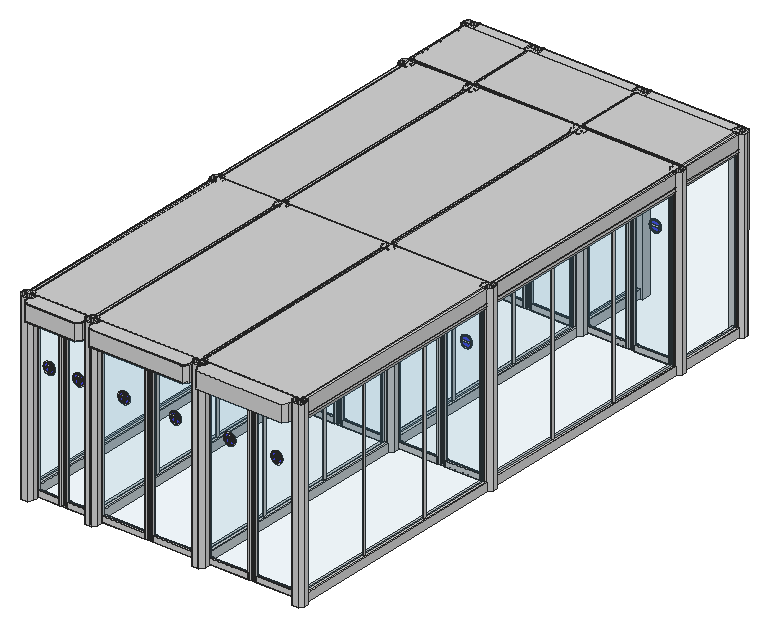
Revit family "ASSA_ABLOY_SecurityPortals_EL_Triple", category Doors, Revit 2020 (continued)
Definition of nested family "Advance"
  Automatic sketch dimensions
    Sweep 16 sketch curve to Sweep 16 sketch curve = 8.103 mm  (x2)
    Sweep 17 sketch curve to plane 4 "Top" = 0.00 mm
    plane 19 to Sweep 17 sketch curve = 0.00 mm
    Sweep 17 sketch curve to level = 0.00 mm
    Sweep 17 sketch curve to profile plane = 0.00 mm
    profile plane to Sweep 17 sketch curve = 2.50 mm
    profile plane to Sweep 17 sketch curve = 19.90 mm
    profile plane to Sweep 17 sketch curve = 34.242 mm
    Sweep 17 sketch curve to Sweep 17 sketch curve = 2.396 mm
    Sweep 17 sketch curve to Sweep 17 sketch curve = 22.75 mm
    Sweep 17 sketch curve to Sweep 17 sketch curve = 16.811 mm
    Sweep 17 sketch curve to Sweep 17 sketch curve = 10.70 mm  (x2)
    Sweep 17 sketch curve to Sweep 17 sketch curve = 26.90 mm
    Sweep 17 sketch curve to Sweep 17 sketch curve = 7.00 mm  (x2)
    Sweep 17 sketch curve to Sweep 17 sketch curve = 8.50 mm  (x2)
    Sweep 17 sketch curve to Sweep 17 sketch curve = 5.00 mm  (x2)
    Sweep 17 sketch curve to Sweep 17 sketch curve = 25.20 mm
    Sweep 17 sketch curve to Sweep 17 sketch curve = 17.95 mm
    Sweep 17 sketch curve to Sweep 17 sketch curve = 3.40 mm
    Sweep 17 sketch curve to Sweep 17 sketch curve = 19.05 mm
    Sweep 17 sketch curve to Sweep 17 sketch curve = 20.752 mm
    Sweep 17 sketch curve to Sweep 17 sketch curve = 17.211 mm
    Sweep 17 sketch curve to Sweep 17 sketch curve = 3.182 mm
    Sweep 17 sketch curve to Sweep 17 sketch curve = 2.196 mm
    Sweep 17 sketch curve to Sweep 17 sketch curve = 22.95 mm
    Sweep 17 sketch curve to Sweep 17 sketch curve = 17.40 mm
    Sweep 17 sketch curve to Sweep 17 sketch curve = 17.60 mm
    Sweep 17 sketch curve to Sweep 17 sketch curve = 2.30 mm
    Sweep 17 sketch curve to Sweep 17 sketch curve = 6.71 mm
    Sweep 17 sketch curve to Sweep 17 sketch curve = 2.79 mm
    Sweep 17 sketch curve to Sweep 17 sketch curve = 20.00 mm
    Sweep 17 sketch curve to Sweep 17 sketch curve = 31.038 mm
    Sweep 17 sketch curve to Sweep 17 sketch curve = 1.028 mm
    Sweep 17 sketch curve to Sweep 17 sketch curve = 36.45 mm
    Sweep 17 sketch curve to Sweep 17 sketch curve = 41.45 mm
    Sweep 17 sketch curve to Sweep 17 sketch curve = 9.50 mm
    Sweep 17 sketch curve to Sweep 17 sketch curve = 0.00 mm  (x2)
    Sweep 17 sketch curve to Sweep 17 sketch curve = 26.303 mm
    Sweep 17 sketch curve to Sweep 17 sketch curve = 21.303 mm
    Sweep 17 sketch curve to Sweep 17 sketch curve = 36.56 mm
    Sweep 17 sketch curve to Sweep 17 sketch curve = 31.765 mm
    Sweep 17 sketch curve to Sweep 17 sketch curve = 31.824 mm
    Sweep 17 sketch curve to Sweep 17 sketch curve = 13.70 mm  (x2)
    Sweep 17 sketch curve to Sweep 17 sketch curve = 6.822 mm  (x2)
    Sweep 17 sketch curve to Sweep 17 sketch curve = 10.00 mm  (x2)
    Sweep 17 sketch curve to Sweep 17 sketch curve = 8.103 mm  (x2)
    Sweep 17 sketch curve to Sweep 17 sketch curve = 6.897 mm
    plane 19 to Sweep 19 sketch curve = 0.10 mm
    Sweep 19 sketch curve to level = 0.00 mm
    profile plane to Sweep 19 sketch curve = 124.65 mm
    Sweep 19 sketch curve to Sweep 19 sketch curve = 5.00 mm  (x2)
    Sweep 19 sketch curve to Sweep 19 sketch curve = 28.00 mm  (x2)
    Sweep 19 sketch curve to Sweep 19 sketch curve = 19.00 mm
    level to Sweep 19 sketch curve = 70.00 mm
    Sweep 19 sketch curve to Sweep 19 sketch curve = 35.00 mm  (x2)
    plane 22 to Sweep 21 sketch curve = 0.10 mm
    Sweep 21 sketch curve to level = 0.00 mm
    profile plane to Sweep 21 sketch curve = 124.65 mm
    Sweep 21 sketch curve to Sweep 21 sketch curve = 5.00 mm  (x2)
    Sweep 21 sketch curve to Sweep 21 sketch curve = 28.00 mm  (x2)
    Sweep 21 sketch curve to Sweep 21 sketch curve = 19.00 mm
    level to Sweep 21 sketch curve = 70.00 mm
    Sweep 21 sketch curve to Sweep 21 sketch curve = 35.00 mm  (x2)
    Extrusion 22 sketch curve to plane 41 = 2.53 mm
    Extrusion 22 sketch curve to plane 31 = 7.431 mm
    plane 41 to Extrusion 22 sketch curve = 1.338 mm
    plane 30 to Extrusion 22 sketch curve = 7.431 mm
    Extrusion 22 sketch curve to plane 41 = 59.692 mm
    Extrusion 22 sketch curve to plane 41 = 24.543 mm
    Extrusion 23 sketch curve to plane 17 = 0.00 mm
    Extrusion 23 sketch curve to plane 19 = 0.00 mm
    Extrusion 23 sketch curve to plane 37 = 2.031 mm
    plane 38 to Extrusion 23 sketch curve = 2.031 mm
    plane 41 to Extrusion 23 sketch curve = 1.341 mm
    plane 41 to Extrusion 23 sketch curve = 1.338 mm
    Extrusion 23 sketch curve to plane 41 = 24.543 mm
    Extrusion 23 sketch curve to plane 41 = 24.602 mm
    Extrusion 23 sketch curve to plane 36 = 15.268 mm
    Extrusion 24 sketch curve to plane 39 = 2.031 mm
    plane 40 to Extrusion 24 sketch curve = 2.031 mm
    Extrusion 24 sketch curve to plane 41 = 24.914 mm
    Extrusion 24 sketch curve to plane 41 = 24.855 mm
    Extrusion 24 sketch curve to plane 41 = 1.201 mm
    plane 41 to Extrusion 24 sketch curve = 1.028 mm
    Extrusion 25 sketch curve to plane 37 = 0.00 mm
    Extrusion 25 sketch curve to plane 38 = 0.00 mm
    Extrusion 25 sketch curve to Extrusion 25 sketch curve = 2.00 mm
    plane 38 to Extrusion 25 sketch curve = 2.00 mm
    Extrusion 26 sketch curve to plane 39 = 0.00 mm
    Extrusion 26 sketch curve to plane 40 = 0.00 mm
    Extrusion 26 sketch curve to plane 39 = 2.00 mm
    Extrusion 26 sketch curve to plane 43 = 0.001 mm
    plane 40 to Extrusion 26 sketch curve = 2.00 mm
    Extrusion 27 sketch curve to plane 1 "Entry" = 4.00 mm
    Extrusion 27 sketch curve to plane 36 = 4.00 mm
    plane 4 "Top" to Extrusion 27 sketch curve = 11.563 mm
    Extrusion 28 sketch curve to plane 4 "Top" = 0.00 mm
    Extrusion 28 sketch curve to plane 1 "Entry" = 4.00 mm
    Extrusion 28 sketch curve to plane 36 = 4.00 mm
    plane 4 "Top" to Extrusion 28 sketch curve = 11.563 mm
    Extrusion 29 sketch curve to plane 1 "Entry" = 0.00 mm
    Extrusion 29 sketch curve to plane 36 = 0.00 mm
    Extrusion 29 sketch curve to plane 4 "Top" = 0.00 mm
    Extrusion 29 sketch curve to plane 1 "Entry" = 4.00 mm
    Extrusion 29 sketch curve to plane 36 = 4.00 mm
    plane 4 "Top" to Extrusion 29 sketch curve = 11.563 mm
    plane 41 to Extrusion 30 sketch curve = 0.00 mm  (x2)
    Extrusion 30 sketch curve to plane 31 = 5.685 mm
    Extrusion 30 sketch curve to Extrusion 30 sketch curve = 2.00 mm  (x2)
    plane 30 to Extrusion 30 sketch curve = 7.115 mm
    plane 39 to Extrusion 5 sketch curve = 3.508 mm
    Extrusion 5 sketch curve to plane 40 = 0.285 mm
    plane 41 to Extrusion 5 sketch curve = 24.811 mm
    plane 41 to Extrusion 5 sketch curve = 24.87 mm
    plane 43 to Extrusion 4 sketch curve = 0.00 mm
    Extrusion 4 sketch curve to plane 17 = 0.00 mm
    Extrusion 4 sketch curve to plane 19 = 0.00 mm
    Extrusion 4 sketch curve to plane 36 = 0.00 mm  (x2)
    plane 37 to Extrusion 4 sketch curve = 2.00 mm
    Extrusion 4 sketch curve to plane 38 = 2.031 mm
    Extrusion 4 sketch curve to plane 41 = 1.363 mm
    Extrusion 4 sketch curve to plane 41 = 1.338 mm
    plane 41 to Extrusion 4 sketch curve = 24.543 mm
    plane 41 to Extrusion 4 sketch curve = 24.602 mm
    plane 41 to Extrusion 3 sketch curve = 0.00 mm
    Extrusion 3 sketch curve to plane 7 = 0.00 mm
    Extrusion 3 sketch curve to plane 6 = 0.00 mm
    Extrusion 3 sketch curve to plane 36 = 0.00 mm  (x2)
    plane 31 to Extrusion 3 sketch curve = 5.685 mm
    Extrusion 3 sketch curve to plane 41 = 1.202 mm
    Extrusion 3 sketch curve to plane 30 = 7.356 mm
    plane 41 to Extrusion 3 sketch curve = 24.734 mm
    plane 41 to Extrusion 3 sketch curve = 59.957 mm
Definition of nested family "PartTriple"
  Parameters (values of type "Schipol configuration")
    Width = 979.00 mm
    URL = ""
    Type Comments = ""
    ThirdPassageWidth = if(Third Passage Width Input = 1, 650.00 mm, if(Third Passage Width Input = 2, 900.00 mm, if(Third Passage Width Input = 3, 1100.00 mm, if(Third Passage Width Input = 4, 1200.00 mm, 1400.00 mm))))  # 650.00 mm
    ThirdPassage = yes
    Third Passage Width Input = 1
    Thickness = 0.00 mm
    Sensor = none
    SecondPassageWidth = if(Second Passage Width Input = 1, 650.00 mm, if(Second Passage Width Input = 2, 900.00 mm, if(Second Passage Width Input = 3, 1100.00 mm, if(Second Passage Width Input = 4, 1200.00 mm, 1400.00 mm))))  # 650.00 mm
    SecondPassage = yes
    Second Passage Width Input = 1
    Rubber = none
    Row3 = ThirdPassage  # yes
    Row2 = SecondPassage  # yes
    Row1 = no
    Rough Width = 979.00 mm
    Rough Height = 500.00 mm
    PassageWidth = if(Passage Width Input = 1, 650.00 mm, if(Passage Width Input = 2, 900.00 mm, if(Passage Width Input = 3, 1100.00 mm, if(Passage Width Input = 4, 1200.00 mm, 1400.00 mm))))  # 650.00 mm
    PassageHeight = 2100.00 mm
    Passage Width Input = 1
    PanelWidth3 = (ThirdPassageWidth / 2) + 23.10 mm  # 348.10 mm
    PanelWidth2 = (SecondPassageWidth / 2) + 23.10 mm  # 348.10 mm
    PanelWidth = (PassageWidth / 2) + 23.10 mm  # 348.10 mm
    PanelGlass = none
    Operation = "Automatic"
    OpeningRotationAngle = if(OpenDoor, 90.00°, 0.00°)  # 0.00°
    OpenDoor = no
    Model = ""
    Manufacturer = "info@blasi.info"
    Length = 5999.839 mm
    Keynote = ""
    Heightmin = 2150.00 mm  # constant formula
    Heightmax = 2300.00 mm  # constant formula
    HeightLimit = if(PassageHeight > Heightmin, if(PassageHeight < Heightmax, PassageHeight, Heightmax), Heightmin)  # 2150.00 mm
    Height = 500.00 mm
    Function = 1
    Frames = none
    FrameMaterial = none
    Fire Rating = ""
    Description = ""
    Cost = 0
    Construction Type = "Automatic Sliding Door"
    CanopyHeight = 211.00 mm  # constant formula
    Assembly Code = ""
    Analytic Construction = "<None>"
    Alarm = none
  Reference planes
    plane 1 "Entry": y = 0
    plane 2: z = 0
    plane 3 "Center (Left/Right)": x = 0
    plane 4 "Top": z = 2311
    plane 5 "PH": z = 2100
    plane 6: x = -325
    plane 7: x = 325
    plane 8 "Center": y = 2999.92
    plane 9: x = 348.1
    plane 10: x = -348.1
    plane 11: x = 403.05
    plane 12: x = 411.25
    plane 13: x = -403.05
    plane 14: x = -411.25
    plane 15: y = 3009.27
    plane 16: y = 2879.26
    plane 17: y = 9.35
    plane 18: y = 1922.623
    plane 19: y = 965.987
    plane 20: y = 1926.623
    plane 21: y = 1918.623
    plane 22: y = 969.987
    plane 23: y = 961.987
    plane 24: y = 17.45
    plane 25: y = 2871.16
    plane 26: y = 3017.37
    plane 27: z = 70.9
    plane 28: z = 2080.9
    plane 29: y = 3298.08
    plane 30: x = -323.75
    plane 31: y = 3203.96
    plane 32: x = -489.5
    plane 33: x = -1139.5
    plane 34: x = -814.5
    plane 35: x = -1079
    plane 36: x = -1629
    plane 37: x = -1304
    plane 38: x = -1954
    plane 39: x = -1225.85
    plane 40: x = -1217.65
    plane 41: x = -2118.5
    plane 42: x = -2040.35
    plane 43: x = -2032.15
    plane 44: y = -20.298
    plane 45: x = -466.2
    plane 46: x = -1162.7
    plane 47: x = -1177.25
    plane 48: x = -451.75
    plane 49: x = -1221.75
    plane 50: x = -1280.8
    plane 51: x = -1977.2
    plane 52: x = -364.65
    plane 53: x = -1991.465
    plane 54: x = -1266.535
    plane 55: x = -1260.65
    plane 56: x = -1227.981
    plane 57: x = -1268.25
    plane 58: x = -1989.75
    plane 59: z = 2110
    plane 60: z = 2300.414
  Forms (mm)
    Sweep 1, solid, material <- "Frames"
      path origin (0, 0, 0) x (1, 0, 0) y (0, 0, 1)
        loop
          line (325, 0) -> (325, 2311)
      profile origin (325, 0, 1155.5) x (-1, 0, 0) y (0, -1, 0)
        loop
          line (-37.465, 128.76) -> (-127.035, 128.76) -> (-164.5, 68.803) -> (-164.5, 20.298) -> (-126.752, -17.45) -> (-94.75, -17.45) -> (-94.75, 2.55) -> (-69.55, 2.55) -> (-69.55, -17.45) -> (-43.296, -17.45) -> (-43.296, 20.296) -> (0, 20.296) -> (0, 68.803) -> (-37.465, 128.76)
        loop
          line (-93.15, 103.76) -> (-100.15, 103.76) -> (-100.15, 113.76) -> (-110.85, 113.76) -> (-110.85, 121.863) -> (-127.78, 121.863) -> (-162, 67.057) -> (-162, 65.303) -> (-144.6, 65.303) -> (-144.6, 44) -> (-121.65, 44) -> (-121.65, 53.5) -> (-84.65, 53.5) -> (-84.65, 90.06) -> (-93.15, 90.06) -> (-93.15, 103.76)
        loop
          line (-71.15, 103.76) -> (-71.15, 90.06) -> (-79.65, 90.06) -> (-79.65, 53.5) -> (-42.65, 53.5) -> (-42.65, 44) -> (-19.9, 44) -> (-19.9, 65.303) -> (-2.3, 65.303) -> (-2.3, 67.057) -> (-36.52, 121.863) -> (-53.45, 121.863) -> (-53.45, 113.76) -> (-64.15, 113.76) -> (-64.15, 103.76) -> (-71.15, 103.76)
        loop
          line (-102.6, 39) -> (-162, 39) -> (-162, 21.326) -> (-129.934, -10.74) -> (-106, -10.74) -> (-106, -7.95) -> (-102.6, -7.95) -> (-102.6, 39)
    Sweep 2, solid, material <- "Frames"
      path origin (0, 2999.92, 0) x (1, 0, 0) y (0, 0, 1)
        loop
          line (325, 0) -> (325, 2311)
      profile origin (325, 2999.92, 1155.5) x (-1, 0, 0) y (0, -1, 0)
        loop
          line (-37.465, 128.76) -> (-69.55, 128.76) -> (-69.55, 108.76) -> (-94.75, 108.76) -> (-94.75, 128.76) -> (-127.035, 128.76) -> (-164.5, 68.803) -> (-164.5, 20.298) -> (-126.752, -17.45) -> (-43.296, -17.45) -> (-43.296, 20.296) -> (0, 20.296) -> (0, 68.803) -> (-37.465, 128.76)
        loop
          line (-93.15, 103.76) -> (-100.15, 103.76) -> (-100.15, 113.76) -> (-110.85, 113.76) -> (-110.85, 121.863) -> (-127.78, 121.863) -> (-162, 67.057) -> (-162, 65.303) -> (-144.6, 65.303) -> (-144.6, 44) -> (-121.65, 44) -> (-121.65, 53.5) -> (-84.65, 53.5) -> (-84.65, 90.06) -> (-93.15, 90.06) -> (-93.15, 103.76)
        loop
          line (-71.15, 103.76) -> (-71.15, 90.06) -> (-79.65, 90.06) -> (-79.65, 53.5) -> (-42.65, 53.5) -> (-42.65, 44) -> (-19.9, 44) -> (-19.9, 65.303) -> (-2.3, 65.303) -> (-2.3, 67.057) -> (-36.52, 121.863) -> (-53.45, 121.863) -> (-53.45, 113.76) -> (-64.15, 113.76) -> (-64.15, 103.76) -> (-71.15, 103.76)
        loop
          line (-102.6, 39) -> (-162, 39) -> (-162, 21.326) -> (-129.934, -10.74) -> (-106, -10.74) -> (-106, -7.95) -> (-102.6, -7.95) -> (-102.6, 39)
    Sweep 3, solid, material <- "Frames"
      path origin (0, -0.001, 0) x (-1, 0, 0) y (0, 0, 1)
        loop
          line (325, 0) -> (325, 2311)
      profile origin (-325, -0.001, 1155.5) x (-1, 0, 0) y (0, -1, 0)
        loop
          line (37.465, 128.761) -> (0, 68.804) -> (0, 20.298) -> (43.296, 20.298) -> (43.296, -17.45) -> (69.55, -17.45) -> (69.55, 2.55) -> (94.75, 2.55) -> (94.75, -17.45) -> (121.004, -17.45) -> (121.004, 20.298) -> (164.5, 20.298) -> (164.5, 68.804) -> (127.035, 128.761) -> (37.465, 128.761)
        loop
          line (93.15, 103.761) -> (93.15, 90.061) -> (84.65, 90.061) -> (84.65, 53.501) -> (121.65, 53.501) -> (121.65, 44.001) -> (144.6, 44.001) -> (144.6, 65.304) -> (162, 65.304) -> (162, 67.059) -> (127.78, 121.864) -> (110.85, 121.864) -> (110.85, 113.761) -> (100.15, 113.761) -> (100.15, 103.761) -> (93.15, 103.761)
        loop
          line (71.15, 103.761) -> (64.15, 103.761) -> (64.15, 113.761) -> (53.45, 113.761) -> (53.45, 121.864) -> (36.52, 121.864) -> (2.3, 67.059) -> (2.3, 65.304) -> (19.9, 65.304) -> (19.9, 44.001) -> (42.65, 44.001) -> (42.65, 53.501) -> (79.65, 53.501) -> (79.65, 90.061) -> (71.15, 90.061) -> (71.15, 103.761)
    Sweep 4, solid, material <- "Frames"
      path origin (0, 2999.92, 0) x (-1, 0, 0) y (0, 0, 1)
        loop
          line (325, 0) -> (325, 2311)
      profile origin (-325, 2999.92, 1155.5) x (-1, 0, 0) y (0, -1, 0)
        loop
          line (37.465, 128.76) -> (0, 68.803) -> (0, 20.296) -> (43.296, 20.296) -> (43.296, -17.45) -> (121.004, -17.45) -> (121.004, 20.296) -> (164.5, 20.296) -> (164.5, 68.803) -> (127.035, 128.76) -> (94.75, 128.76) -> (94.75, 108.76) -> (69.55, 108.76) -> (69.55, 128.76) -> (37.465, 128.76)
        loop
          line (93.15, 103.76) -> (93.15, 90.06) -> (84.65, 90.06) -> (84.65, 53.5) -> (121.65, 53.5) -> (121.65, 44) -> (144.6, 44) -> (144.6, 65.303) -> (162, 65.303) -> (162, 67.057) -> (127.78, 121.863) -> (110.85, 121.863) -> (110.85, 113.76) -> (100.15, 113.76) -> (100.15, 103.76) -> (93.15, 103.76)
        loop
          line (71.15, 103.76) -> (64.15, 103.76) -> (64.15, 113.76) -> (53.45, 113.76) -> (53.45, 121.863) -> (36.52, 121.863) -> (2.3, 67.057) -> (2.3, 65.303) -> (19.9, 65.303) -> (19.9, 44) -> (42.65, 44) -> (42.65, 53.5) -> (79.65, 53.5) -> (79.65, 90.06) -> (71.15, 90.06) -> (71.15, 103.76)
    Extrusion 5, solid, material <- "PanelGlass"
      sketch origin (0, 0, 0) x (1, 0, 0) y (0, 1, 0)
        loop
          line (411.25, 9.35) -> (411.25, 961.987) -> (403.05, 961.987) -> (403.05, 9.35) -> (411.25, 9.35)
        loop
          line (411.25, 2879.26) -> (403.05, 2879.26) -> (403.05, 1926.623) -> (411.25, 1926.623) -> (411.25, 2879.26)
        loop
          line (411.25, 969.987) -> (411.25, 1918.623) -> (403.05, 1918.623) -> (403.05, 969.987) -> (411.25, 969.987)
      from 70.9 to 2080.9
    Extrusion 6, solid, material <- "PanelGlass"
      sketch origin (0, 0, 0) x (-1, 0, 0) y (0, -1, 0)
        loop
          line (411.25, -9.35) -> (403.05, -9.35) -> (403.05, -961.987) -> (411.25, -961.987) -> (411.25, -9.35)
        loop
          line (411.25, -2879.26) -> (411.25, -1926.623) -> (403.05, -1926.623) -> (403.05, -2879.26) -> (411.25, -2879.26)
        loop
          line (403.05, -969.987) -> (403.05, -1918.623) -> (411.25, -1918.623) -> (411.25, -969.987) -> (403.05, -969.987)
      from 0 to 2080.9
    Sweep 7, solid, material <- "Frames"
      path origin (-3291.85, 965.987, 1200) x (1, 0, 0) y (0, 0, 1)
        loop
          line (3616.85, -1129.1) -> (3616.85, 880.9)
      profile origin (325, 965.987, 1075.9) x (-1, 0, 0) y (0, -1, 0)
        loop
          line (-77.85, -1) -> (-77.85, -15) -> (-75.85, -15) -> (-75.85, 15) -> (-77.85, 15) -> (-77.85, 1) -> (-86.45, 1) -> (-86.45, 15) -> (-88.45, 15) -> (-88.45, -15) -> (-86.45, -15) -> (-86.45, -1) -> (-77.85, -1)
    Sweep 8, solid, material <- "Frames"
      path origin (-3291.85, 1922.623, 1200) x (1, 0, 0) y (0, 0, 1)
        loop
          line (3616.85, -1129.1) -> (3616.85, 880.9)
      profile origin (325, 1922.623, 1075.9) x (-1, 0, 0) y (0, -1, 0)
        loop
          line (-77.85, -1) -> (-77.85, -15) -> (-75.85, -15) -> (-75.85, 15) -> (-77.85, 15) -> (-77.85, 1) -> (-86.45, 1) -> (-86.45, 15) -> (-88.45, 15) -> (-88.45, -15) -> (-86.45, -15) -> (-86.45, -1) -> (-77.85, -1)
    Sweep 9, solid, material <- "Frames"
      path origin (3291.85, 965.987, 1200) x (-1, 0, 0) y (0, 0, -1)
        loop
          line (3616.85, 1129.1) -> (3616.85, -880.9)
      profile origin (-325, 965.987, 1075.9) x (-1, 0, 0) y (0, -1, 0)
        loop
          line (77.85, -1) -> (86.45, -1) -> (86.45, -15) -> (88.45, -15) -> (88.45, 15) -> (86.45, 15) -> (86.45, 1) -> (77.85, 1) -> (77.85, 15) -> (75.85, 15) -> (75.85, -15) -> (77.85, -15) -> (77.85, -1)
    Sweep 10, solid, material <- "Frames"
      path origin (3291.85, 1922.623, 1200) x (-1, 0, 0) y (0, 0, -1)
        loop
          line (3616.85, 1129.1) -> (3616.85, -880.9)
      profile origin (-325, 1922.623, 1075.9) x (-1, 0, 0) y (0, -1, 0)
        loop
          line (77.85, -1) -> (86.45, -1) -> (86.45, -15) -> (88.45, -15) -> (88.45, 15) -> (86.45, 15) -> (86.45, 1) -> (77.85, 1) -> (77.85, 15) -> (75.85, 15) -> (75.85, -15) -> (77.85, -15) -> (77.85, -1)
    Sweep 11, solid, material <- "Frames"
      path origin (0, 0, 0) x (1, 0, 0) y (0, 1, 0)
        loop
          line (325, 17.45) -> (325, 2871.16)
      profile origin (325, 1444.305, 0) x (-1, 0, 0) y (0, 0, 1)
        loop
          line (-39.65, 0.9) -> (-39.65, 105.9)
          arc (-39.65, 105.9) -> (-41.114, 109.436) -> (-44.65, 110.9) r 5
          line (-44.65, 110.9) -> (-72.65, 110.9) -> (-72.65, 70.9) -> (-91.65, 70.9) -> (-91.65, 110.9) -> (-119.65, 110.9)
          arc (-119.65, 110.9) -> (-123.186, 109.436) -> (-124.65, 105.9) r 5
          line (-124.65, 105.9) -> (-124.65, 0.9) -> (-39.65, 0.9)
    Sweep 12, solid, material <- "Frames"
      path origin (0, 0, 0) x (-1, 0, 0) y (0, 1, 0)
        loop
          line (325, 17.45) -> (325, 2871.16)
      profile origin (-325, 1444.305, 0) x (-1, 0, 0) y (0, 0, 1)
        loop
          line (39.65, 0.9) -> (124.65, 0.9) -> (124.65, 105.9)
          arc (124.65, 105.9) -> (123.186, 109.436) -> (119.65, 110.9) r 5
          line (119.65, 110.9) -> (91.65, 110.9) -> (91.65, 70.9) -> (72.65, 70.9) -> (72.65, 110.9) -> (44.65, 110.9)
          arc (44.65, 110.9) -> (41.114, 109.436) -> (39.65, 105.9) r 5
          line (39.65, 105.9) -> (39.65, 0.9)
    Sweep 13, solid, material <- "Frames"
      path origin (0, 0, 2100) x (-1, 0, 0) y (0, -1, 0)
        loop
          line (-325, -17.45) -> (-325, -2871.16)
      profile origin (325, 1444.305, 2100) x (-1, 0, 0) y (0, 0, 1)
        loop
          line (-60.47, -28.7) -> (-39.65, 1.3) -> (-39.65, 38.1) -> (-115.65, 38.1)
          arc (-115.65, 38.1) -> (-118.125, 39.125) -> (-119.15, 41.6) r 3.5
          line (-119.15, 41.6) -> (-119.15, 105.35) -> (-46.15, 105.35) -> (-46.15, 142.35) -> (-119.15, 142.35) -> (-119.15, 206.6)
          arc (-119.15, 206.6) -> (-118.271, 208.721) -> (-116.15, 209.6) r 3
          line (-116.15, 209.6) -> (-71.15, 209.6) -> (-71.15, 211.6) -> (-116.15, 211.6)
          arc (-116.15, 211.6) -> (-119.686, 210.136) -> (-121.15, 206.6) r 5
          line (-121.15, 206.6) -> (-121.15, 41.6)
          arc (-121.15, 41.6) -> (-119.539, 37.711) -> (-115.65, 36.1) r 5.5
          line (-115.65, 36.1) -> (-115.65, 35.1) -> (-121.15, 35.1) -> (-121.15, 1.3) -> (-103.83, -28.7) -> (-92.15, -28.7) -> (-92.15, -33.1) -> (-89.15, -33.1) -> (-89.15, -19.1) -> (-75.15, -19.1) -> (-75.15, -33.1) -> (-72.15, -33.1) -> (-72.15, -28.7) -> (-60.47, -28.7)
    Sweep 14, solid, material <- "Frames"
      path origin (0, 0, 2100) x (1, 0, 0) y (0, -1, 0)
        loop
          line (-325, -17.45) -> (-325, -2871.16)
      profile origin (-325, 1444.305, 2100) x (-1, 0, 0) y (0, 0, 1)
        loop
          line (60.47, -28.7) -> (72.15, -28.7) -> (72.15, -33.1) -> (75.15, -33.1) -> (75.15, -19.1) -> (89.15, -19.1) -> (89.15, -33.1) -> (92.15, -33.1) -> (92.15, -28.7) -> (103.83, -28.7) -> (121.15, 1.3) -> (121.15, 35.1) -> (115.65, 35.1) -> (115.65, 36.1)
          arc (115.65, 36.1) -> (119.539, 37.711) -> (121.15, 41.6) r 5.5
          line (121.15, 41.6) -> (121.15, 206.6)
          arc (121.15, 206.6) -> (119.686, 210.136) -> (116.15, 211.6) r 5
          line (116.15, 211.6) -> (71.15, 211.6) -> (71.15, 209.6) -> (116.15, 209.6)
          arc (116.15, 209.6) -> (118.271, 208.721) -> (119.15, 206.6) r 3
          line (119.15, 206.6) -> (119.15, 142.35) -> (46.15, 142.35) -> (46.15, 105.35) -> (119.15, 105.35) -> (119.15, 41.6)
          arc (119.15, 41.6) -> (118.125, 39.125) -> (115.65, 38.1) r 3.5
          line (115.65, 38.1) -> (43.15, 38.1) -> (43.15, 1.3) -> (60.47, -28.7)
    Extrusion 15, solid, material <- "Frames"
      sketch origin (0, 0, 4.531) x (0, 1, 0) y (0, 0, 1)
        loop
          line (2999.92, 2311) -> (-16.95, 2311) -> (-16.95, 2306.469) -> (2999.92, 2306.469) -> (2999.92, 2311)
      from -403.05 to 403.05
    Extrusion 16, solid, material <- "Frames"
      sketch origin (0, 0, 2100) x (-1, 0, 0) y (0, -1, 0)
        loop
          line (-364.65, 20.296) -> (-364.65, -2871.16) -> (-362.465, -2871.16) -> (-325, -2931.117) -> (-325, -2979.623) -> (325, -2979.623) -> (325, -2931.117) -> (362.465, -2871.16) -> (368.15, -2871.16) -> (368.15, 20.299) -> (325, 20.299) -> (325, 68.803) -> (362.75, 129.216) -> (362.75, 161.56) -> (323.108, 225) -> (-323.108, 225) -> (-362.75, 161.56) -> (-362.75, 129.216) -> (-325, 68.803) -> (-325, 20.296) -> (-364.65, 20.296)
      from 0 to 10
    Extrusion 17, solid, material <- "Frames"
      sketch origin (0, 0, 2100) x (-1, 0, 0) y (0, -1, 0)
        loop
          line (362.75, 128.76) -> (362.75, 161.56) -> (323.108, 225) -> (-323.108, 225) -> (-362.75, 161.56) -> (-362.75, 128.76) -> (-360.75, 128.76) -> (-360.75, 160.986) -> (-322, 223) -> (322, 223) -> (360.75, 160.987) -> (360.75, 128.76) -> (362.75, 128.76)
      from 0 to 211
    Extrusion 18, solid, material <- "Frames"
      sketch origin (0, 0, 2311) x (-1, 0, 0) y (0, -1, 0)
        loop
          line (362.75, 129.216) -> (362.75, 161.56) -> (323.108, 225) -> (-323.108, 225) -> (-362.75, 161.56) -> (-362.75, 129.216) -> (-325, 68.803) -> (-325, 20.296) -> (325, 20.296) -> (325, 68.803) -> (362.75, 129.216)
      from 0 to -10
    Extrusion 19, solid, material <- "Frames", visible <- "Row1"
      sketch origin (-1360, -1354.92, 2311) x (-1, 0, 0) y (0, -1, 0)
        loop
          line (-1051.671, -4651.125) -> (-959.45, -4558.904) -> (-959.45, -4372.289) -> (-991.9, -4372.289) -> (-991.9, -4354.839) -> (-1728.296, -4354.839) -> (-1728.296, -4372.289) -> (-1761.175, -4372.289) -> (-1761.175, -4553.279) -> (-1663.329, -4651.125) -> (-1051.671, -4651.125)
      from 0 to -10.586
    Extrusion 20, solid, material <- "Frames", visible <- "Row1"
      sketch origin (-1300, -2999.92, 2100) x (-1, 0, 0) y (0, -1, 0)
        loop
          line (-1703.05, -6199.579) -> (-1604.629, -6298) -> (-990.471, -6298) -> (-896.95, -6204.479) -> (-896.95, -6017.289) -> (-898.925, -6017.289) -> (-898.925, -6203.625) -> (-991.3, -6296) -> (-1603.8, -6296) -> (-1701.019, -6198.781) -> (-1701.019, -6017.289) -> (-1703.05, -6017.289) -> (-1703.05, -6199.579)
      from 0 to 211
    Extrusion 21, solid, material <- "Frames", visible <- "Row1"
      sketch origin (7.603, -26.037, 2100) x (-1, 0, 0) y (0, -1, 0)
        loop
          line (331.353, -2959.202) -> (370.099, -2897.196) -> (-355.099, -2897.196) -> (-317.397, -2957.532) -> (-317.397, -3005.873) -> (-360.796, -3005.873) -> (-360.796, -3043.406) -> (-385.447, -3043.406) -> (-385.447, -3228.462) -> (-299.792, -3314.117) -> (314.792, -3314.117) -> (400.653, -3228.256) -> (400.653, -3043.406) -> (375.796, -3043.406) -> (375.796, -3005.873) -> (331.353, -3005.873) -> (331.353, -2959.202)
      from 0 to 10
    Sweep 22, solid, material <- "Frames", visible <- "Row2"
      path origin (-664.5, 0, 0) x (-1, 0, 0) y (0, 0, 1)
        loop
          line (475, 0) -> (475, 2311)
      profile origin (-1139.5, 0, 1155.5) x (-1, 0, 0) y (0, -1, 0)
        loop
          line (37.465, 128.76) -> (0, 68.803) -> (0, 20.296) -> (43.296, 20.296) -> (43.296, -17.45) -> (69.55, -17.45) -> (69.55, 2.55) -> (94.75, 2.55) -> (94.75, -17.45) -> (126.752, -17.45) -> (164.5, 20.298) -> (164.5, 68.803) -> (127.035, 128.76) -> (37.465, 128.76)
        loop
          line (93.15, 103.76) -> (93.15, 90.06) -> (84.65, 90.06) -> (84.65, 53.5) -> (121.65, 53.5) -> (121.65, 44) -> (144.6, 44) -> (144.6, 65.303) -> (162, 65.303) -> (162, 67.057) -> (127.78, 121.863) -> (110.85, 121.863) -> (110.85, 113.76) -> (100.15, 113.76) -> (100.15, 103.76) -> (93.15, 103.76)
        loop
          line (71.15, 103.76) -> (64.15, 103.76) -> (64.15, 113.76) -> (53.45, 113.76) -> (53.45, 121.863) -> (36.52, 121.863) -> (2.3, 67.057) -> (2.3, 65.303) -> (19.9, 65.303) -> (19.9, 44) -> (42.65, 44) -> (42.65, 53.5) -> (79.65, 53.5) -> (79.65, 90.06) -> (71.15, 90.06) -> (71.15, 103.76)
        loop
          line (102.6, 39) -> (102.6, -7.95) -> (106, -7.95) -> (106, -10.74) -> (129.934, -10.74) -> (162, 21.326) -> (162, 39) -> (102.6, 39)
    Sweep 23, solid, material <- "Frames", visible <- "Row2"
      path origin (-664.5, 2999.92, 0) x (-1, 0, 0) y (0, 0, 1)
        loop
          line (475, 0) -> (475, 2311)
      profile origin (-1139.5, 2999.92, 1155.5) x (-1, 0, 0) y (0, -1, 0)
        loop
          line (37.465, 128.76) -> (0, 68.803) -> (0, 20.296) -> (43.296, 20.296) -> (43.296, -17.45) -> (126.752, -17.45) -> (164.5, 20.298) -> (164.5, 68.803) -> (127.035, 128.76) -> (94.75, 128.76) -> (94.75, 108.76) -> (69.55, 108.76) -> (69.55, 128.76) -> (37.465, 128.76)
        loop
          line (93.15, 103.76) -> (93.15, 90.06) -> (84.65, 90.06) -> (84.65, 53.5) -> (121.65, 53.5) -> (121.65, 44) -> (144.6, 44) -> (144.6, 65.303) -> (162, 65.303) -> (162, 67.057) -> (127.78, 121.863) -> (110.85, 121.863) -> (110.85, 113.76) -> (100.15, 113.76) -> (100.15, 103.76) -> (93.15, 103.76)
        loop
          line (71.15, 103.76) -> (64.15, 103.76) -> (64.15, 113.76) -> (53.45, 113.76) -> (53.45, 121.863) -> (36.52, 121.863) -> (2.3, 67.057) -> (2.3, 65.303) -> (19.9, 65.303) -> (19.9, 44) -> (42.65, 44) -> (42.65, 53.5) -> (79.65, 53.5) -> (79.65, 90.06) -> (71.15, 90.06) -> (71.15, 103.76)
        loop
          line (102.6, 39) -> (102.6, -7.95) -> (106, -7.95) -> (106, -10.74) -> (129.934, -10.74) -> (162, 21.326) -> (162, 39) -> (102.6, 39)
    Extrusion 24, solid, material <- "PanelGlass", visible <- "Row2"
      sketch origin (-664.5, 0, 0) x (-1, 0, 0) y (0, -1, 0)
        loop
          line (561.35, -9.35) -> (553.15, -9.35) -> (553.15, -961.987) -> (561.35, -961.987) -> (561.35, -9.35)
        loop
          line (561.35, -2871.16) -> (561.35, -1926.623) -> (553.15, -1926.623) -> (553.15, -2871.16) -> (561.35, -2871.16)
        loop
          line (553.15, -969.987) -> (553.15, -1918.623) -> (561.35, -1918.623) -> (561.35, -969.987) -> (553.15, -969.987)
      from 0 to 2080.9
    Sweep 25, solid, material <- "Frames", visible <- "Row2"
      path origin (2627.45, 965.987, 1200) x (-1, 0, 0) y (0, 0, -1)
        loop
          line (3766.85, 1129.1) -> (3766.85, -880.9)
      profile origin (-1139.4, 965.987, 1075.9) x (-1, 0, 0) y (0, -1, 0)
        loop
          line (77.85, -1) -> (86.45, -1) -> (86.45, -15) -> (88.45, -15) -> (88.45, 15) -> (86.45, 15) -> (86.45, 1) -> (77.85, 1) -> (77.85, 15) -> (75.85, 15) -> (75.85, -15) -> (77.85, -15) -> (77.85, -1)
    Sweep 26, solid, material <- "Frames", visible <- "Row2"
      path origin (2627.45, 1922.623, 1200) x (-1, 0, 0) y (0, 0, -1)
        loop
          line (3766.85, 1129.1) -> (3766.85, -880.9)
      profile origin (-1139.4, 1922.623, 1075.9) x (-1, 0, 0) y (0, -1, 0)
        loop
          line (77.85, -1) -> (86.45, -1) -> (86.45, -15) -> (88.45, -15) -> (88.45, 15) -> (86.45, 15) -> (86.45, 1) -> (77.85, 1) -> (77.85, 15) -> (75.85, 15) -> (75.85, -15) -> (77.85, -15) -> (77.85, -1)
    Sweep 27, solid, material <- "Frames", visible <- "Row2"
      path origin (-664.5, 0, 0) x (-1, 0, 0) y (0, 1, 0)
        loop
          line (475, 17.45) -> (475, 2871.16)
      profile origin (-1139.5, 1444.305, 0) x (-1, 0, 0) y (0, 0, 1)
        loop
          line (39.65, 0.9) -> (124.65, 0.9) -> (124.65, 105.9)
          arc (124.65, 105.9) -> (123.186, 109.436) -> (119.65, 110.9) r 5
          line (119.65, 110.9) -> (91.65, 110.9) -> (91.65, 70.9) -> (72.65, 70.9) -> (72.65, 110.9) -> (44.65, 110.9)
          arc (44.65, 110.9) -> (41.114, 109.436) -> (39.65, 105.9) r 5
          line (39.65, 105.9) -> (39.65, 0.9)
    Sweep 28, solid, material <- "Frames", visible <- "Row2"
      path origin (-664.5, 0, 2100) x (1, 0, 0) y (0, -1, 0)
        loop
          line (-475, -17.45) -> (-475, -2871.16)
      profile origin (-1139.5, 1444.305, 2100) x (-1, 0, 0) y (0, 0, 1)
        loop
          line (60.47, -28.7) -> (72.15, -28.7) -> (72.15, -33.1) -> (75.15, -33.1) -> (75.15, -19.1) -> (89.15, -19.1) -> (89.15, -33.1) -> (92.15, -33.1) -> (92.15, -28.7) -> (103.83, -28.7) -> (121.15, 1.3) -> (121.15, 35.1) -> (115.65, 35.1) -> (115.65, 36.1)
          arc (115.65, 36.1) -> (119.539, 37.711) -> (121.15, 41.6) r 5.5
          line (121.15, 41.6) -> (121.15, 206.6)
          arc (121.15, 206.6) -> (119.686, 210.136) -> (116.15, 211.6) r 5
          line (116.15, 211.6) -> (71.15, 211.6) -> (71.15, 209.6) -> (116.15, 209.6)
          arc (116.15, 209.6) -> (118.271, 208.721) -> (119.15, 206.6) r 3
          line (119.15, 206.6) -> (119.15, 142.35) -> (46.15, 142.35) -> (46.15, 105.35) -> (119.15, 105.35) -> (119.15, 41.6)
          arc (119.15, 41.6) -> (118.125, 39.125) -> (115.65, 38.1) r 3.5
          line (115.65, 38.1) -> (43.15, 38.1) -> (43.15, 1.3) -> (60.47, -28.7)
    Extrusion 29, solid, material <- "Frames", visible <- "Row2"
      sketch origin (-664.5, 0, 4.531) x (0, 1, 0) y (0, 0, 1)
        loop
          line (2999.92, 2311) -> (-20.298, 2311) -> (-20.298, 2306.469) -> (2999.92, 2306.469) -> (2999.92, 2311)
      from -553.15 to 253.25
    Extrusion 30, solid, material <- "Frames", visible <- "Row2"
      sketch origin (-664.5, 0, 2100) x (-1, 0, 0) y (0, -1, 0)
        loop
          line (-218.15, 20.296) -> (-218.15, -2871.16) -> (-212.465, -2871.16) -> (-175, -2931.117) -> (-175, -2979.623) -> (475, -2979.623) -> (475, -2931.117) -> (512.465, -2871.16) -> (518.15, -2871.16) -> (518.15, 20.296) -> (475, 20.296) -> (475, 68.803) -> (498.2, 105.931) -> (498.2, 184.845) -> (473.108, 225) -> (-173.108, 225) -> (-198.3, 184.685) -> (-198.3, 106.091) -> (-175, 68.803) -> (-175, 20.296) -> (-218.15, 20.296)
      from 0 to 10
    Extrusion 31, solid, material <- "Frames", visible <- "Row2"
      sketch origin (-664.5, 0, 2100) x (-1, 0, 0) y (0, -1, 0)
        loop
          line (512.75, 128.76) -> (512.75, 161.56) -> (473.108, 225) -> (-173.108, 225) -> (-212.75, 161.56) -> (-212.75, 128.76) -> (-210.75, 128.76) -> (-210.75, 160.986) -> (-172, 223) -> (472, 223) -> (510.75, 160.987) -> (510.75, 128.76) -> (512.75, 128.76)
      from 0 to 211
    Extrusion 32, solid, material <- "Frames", visible <- "Row2"
      sketch origin (-664.5, 0, 2311) x (-1, 0, 0) y (0, -1, 0)
        loop
          line (512.75, 129.216) -> (512.75, 161.56) -> (473.108, 225) -> (-173.108, 225) -> (-212.75, 161.56) -> (-212.75, 129.216) -> (-175, 68.803) -> (-175, 20.296) -> (475, 20.296) -> (475, 68.803) -> (512.75, 129.216)
      from 0 to -10
    Sweep 33, solid, material <- "Frames", visible <- "Row3"
      path origin (-1329, 0, 0) x (-1, 0, 0) y (0, 0, 1)
        loop
          line (625, 0) -> (625, 2311)
      profile origin (-1954, 0, 1155.5) x (-1, 0, 0) y (0, -1, 0)
        loop
          line (37.465, 128.76) -> (0, 68.803) -> (0, 20.296) -> (43.296, 20.296) -> (43.296, -17.45) -> (69.55, -17.45) -> (69.55, 2.55) -> (94.75, 2.55) -> (94.75, -17.45) -> (126.752, -17.45) -> (164.5, 20.298) -> (164.5, 68.803) -> (127.035, 128.76) -> (37.465, 128.76)
        loop
          line (93.15, 103.76) -> (93.15, 90.06) -> (84.65, 90.06) -> (84.65, 53.5) -> (121.65, 53.5) -> (121.65, 44) -> (144.6, 44) -> (144.6, 65.303) -> (162, 65.303) -> (162, 67.057) -> (127.78, 121.863) -> (110.85, 121.863) -> (110.85, 113.76) -> (100.15, 113.76) -> (100.15, 103.76) -> (93.15, 103.76)
        loop
          line (71.15, 103.76) -> (64.15, 103.76) -> (64.15, 113.76) -> (53.45, 113.76) -> (53.45, 121.863) -> (36.52, 121.863) -> (2.3, 67.057) -> (2.3, 65.303) -> (19.9, 65.303) -> (19.9, 44) -> (42.65, 44) -> (42.65, 53.5) -> (79.65, 53.5) -> (79.65, 90.06) -> (71.15, 90.06) -> (71.15, 103.76)
        loop
          line (102.6, 39) -> (102.6, -7.95) -> (106, -7.95) -> (106, -10.74) -> (129.934, -10.74) -> (162, 21.326) -> (162, 39) -> (102.6, 39)
    Sweep 34, solid, material <- "Frames", visible <- "Row3"
      path origin (-1329, 2999.92, 0) x (-1, 0, 0) y (0, 0, 1)
        loop
          line (625, 0) -> (625, 2311)
      profile origin (-1954, 2999.92, 1155.5) x (-1, 0, 0) y (0, -1, 0)
        loop
          line (37.465, 128.76) -> (0, 68.803) -> (0, 20.296) -> (43.296, 20.296) -> (43.296, -17.45) -> (126.752, -17.45) -> (164.5, 20.298) -> (164.5, 68.803) -> (127.035, 128.76) -> (94.75, 128.76) -> (94.75, 108.76) -> (69.55, 108.76) -> (69.55, 128.76) -> (37.465, 128.76)
        loop
          line (93.15, 103.76) -> (93.15, 90.06) -> (84.65, 90.06) -> (84.65, 53.5) -> (121.65, 53.5) -> (121.65, 44) -> (144.6, 44) -> (144.6, 65.303) -> (162, 65.303) -> (162, 67.057) -> (127.78, 121.863) -> (110.85, 121.863) -> (110.85, 113.76) -> (100.15, 113.76) -> (100.15, 103.76) -> (93.15, 103.76)
        loop
          line (71.15, 103.76) -> (64.15, 103.76) -> (64.15, 113.76) -> (53.45, 113.76) -> (53.45, 121.863) -> (36.52, 121.863) -> (2.3, 67.057) -> (2.3, 65.303) -> (19.9, 65.303) -> (19.9, 44) -> (42.65, 44) -> (42.65, 53.5) -> (79.65, 53.5) -> (79.65, 90.06) -> (71.15, 90.06) -> (71.15, 103.76)
        loop
          line (102.6, 39) -> (102.6, -7.95) -> (106, -7.95) -> (106, -10.74) -> (129.934, -10.74) -> (162, 21.326) -> (162, 39) -> (102.6, 39)
    Extrusion 35, solid, material <- "PanelGlass", visible <- "Row3"
      sketch origin (-1329, 0, 0) x (-1, 0, 0) y (0, -1, 0)
        loop
          line (711.25, -9.35) -> (703.05, -9.35) -> (703.05, -961.987) -> (711.25, -961.987) -> (711.25, -9.35)
        loop
          line (711.25, -2879.26) -> (711.25, -1926.623) -> (703.05, -1926.623) -> (703.05, -2879.26) -> (711.25, -2879.26)
        loop
          line (703.05, -969.987) -> (703.05, -1918.623) -> (711.25, -1918.623) -> (711.25, -969.987) -> (703.05, -969.987)
      from 0 to 2080.9
    Sweep 36, solid, material <- "Frames", visible <- "Row3"
      path origin (1962.85, 965.987, 1200) x (-1, 0, 0) y (0, 0, -1)
        loop
          line (3916.85, 1129.1) -> (3916.85, -880.9)
      profile origin (-1954, 965.987, 1075.9) x (-1, 0, 0) y (0, -1, 0)
        loop
          line (77.85, -1) -> (86.45, -1) -> (86.45, -15) -> (88.45, -15) -> (88.45, 15) -> (86.45, 15) -> (86.45, 1) -> (77.85, 1) -> (77.85, 15) -> (75.85, 15) -> (75.85, -15) -> (77.85, -15) -> (77.85, -1)
    Sweep 37, solid, material <- "Frames", visible <- "Row3"
      path origin (1962.85, 1922.623, 1200) x (-1, 0, 0) y (0, 0, -1)
        loop
          line (3916.85, 1129.1) -> (3916.85, -880.9)
      profile origin (-1954, 1922.623, 1075.9) x (-1, 0, 0) y (0, -1, 0)
        loop
          line (77.85, -1) -> (86.45, -1) -> (86.45, -15) -> (88.45, -15) -> (88.45, 15) -> (86.45, 15) -> (86.45, 1) -> (77.85, 1) -> (77.85, 15) -> (75.85, 15) -> (75.85, -15) -> (77.85, -15) -> (77.85, -1)
    Sweep 38, solid, material <- "Frames", visible <- "Row3"
      path origin (-1329, 0, 0) x (-1, 0, 0) y (0, 1, 0)
        loop
          line (625, 17.45) -> (625, 2871.16)
      profile origin (-1954, 1444.305, 0) x (-1, 0, 0) y (0, 0, 1)
        loop
          line (39.65, 0.9) -> (124.65, 0.9) -> (124.65, 105.9)
          arc (124.65, 105.9) -> (123.186, 109.436) -> (119.65, 110.9) r 5
          line (119.65, 110.9) -> (91.65, 110.9) -> (91.65, 70.9) -> (72.65, 70.9) -> (72.65, 110.9) -> (44.65, 110.9)
          arc (44.65, 110.9) -> (41.114, 109.436) -> (39.65, 105.9) r 5
          line (39.65, 105.9) -> (39.65, 0.9)
    Sweep 39, solid, material <- "Frames", visible <- "Row3"
      path origin (-1329, 0, 2100) x (1, 0, 0) y (0, -1, 0)
        loop
          line (-625, -17.45) -> (-625, -2871.16)
      profile origin (-1954, 1444.305, 2100) x (-1, 0, 0) y (0, 0, 1)
        loop
          line (60.47, -28.7) -> (72.15, -28.7) -> (72.15, -33.1) -> (75.15, -33.1) -> (75.15, -19.1) -> (89.15, -19.1) -> (89.15, -33.1) -> (92.15, -33.1) -> (92.15, -28.7) -> (103.83, -28.7) -> (121.15, 1.3) -> (121.15, 35.1) -> (115.65, 35.1) -> (115.65, 36.1)
          arc (115.65, 36.1) -> (119.539, 37.711) -> (121.15, 41.6) r 5.5
          line (121.15, 41.6) -> (121.15, 206.6)
          arc (121.15, 206.6) -> (119.686, 210.136) -> (116.15, 211.6) r 5
          line (116.15, 211.6) -> (71.15, 211.6) -> (71.15, 209.6) -> (116.15, 209.6)
          arc (116.15, 209.6) -> (118.271, 208.721) -> (119.15, 206.6) r 3
          line (119.15, 206.6) -> (119.15, 142.35) -> (46.15, 142.35) -> (46.15, 105.35) -> (119.15, 105.35) -> (119.15, 41.6)
          arc (119.15, 41.6) -> (118.125, 39.125) -> (115.65, 38.1) r 3.5
          line (115.65, 38.1) -> (43.15, 38.1) -> (43.15, 1.3) -> (60.47, -28.7)
    Extrusion 40, solid, material <- "Frames", visible <- "Row3"
      sketch origin (-1329, 0, 4.531) x (0, 1, 0) y (0, 0, 1)
        loop
          line (2999.92, 2311) -> (-20.298, 2311) -> (-20.298, 2306.469) -> (2999.92, 2306.469) -> (2999.92, 2311)
      from -703.15 to 103.15
    Extrusion 41, solid, material <- "Frames", visible <- "Row3"
      sketch origin (-1329, 0, 2100) x (-1, 0, 0) y (0, -1, 0)
        loop
          line (-68.35, 20.296) -> (-68.35, -2871.16) -> (-62.465, -2871.16) -> (-250, -2931.117) -> (-250, -2979.623) -> (625, -2979.623) -> (625, -2931.117) -> (662.465, -2871.16) -> (668.15, -2871.16) -> (668.15, 20.296) -> (625, 20.296) -> (625, 68.803) -> (662.75, 129.216) -> (662.75, 161.56) -> (623.108, 225) -> (-23.108, 225) -> (-62.75, 161.56) -> (-62.75, 129.216) -> (-250, 68.803) -> (-250, 20.296) -> (-68.35, 20.296)
      from 0 to 10
    Extrusion 42, solid, material <- "Frames", visible <- "Row3"
      sketch origin (-1329, 0, 2100) x (-1, 0, 0) y (0, -1, 0)
        loop
          line (662.465, 128.76) -> (662.465, 162.016) -> (623.108, 225) -> (-23.108, 225) -> (-62.465, 162.016) -> (-62.465, 128.76) -> (-60.75, 128.76) -> (-60.75, 160.986) -> (-22, 223) -> (622, 223) -> (660.75, 160.987) -> (660.75, 128.76) -> (662.465, 128.76)
      from 0 to 211
    Extrusion 43, solid, material <- "Frames", visible <- "Row3"
      sketch origin (-1329, 0, 2311) x (-1, 0, 0) y (0, -1, 0)
        loop
          line (662.465, 128.76) -> (662.465, 162.016) -> (623.108, 225) -> (-23.108, 225) -> (-62.465, 162.016) -> (-62.465, 128.76) -> (-25, 68.803) -> (-25, 20.296) -> (625, 20.296) -> (625, 68.803) -> (662.465, 128.76)
      from 0 to -10
  Cuts and joins
    joined: Sweep 13, Sweep 14, Extrusion 15
    joined: Extrusion 16, Extrusion 17, Extrusion 18
  Lines and regions (mm)
    symbolic lines, detail levels fine
      curve 1: line (-327.3, 2932.862, 0) -> (-361.52, 2878.057, 0)
      curve 2: line (-413.45, 950.987, 0) -> (-411.45, 950.987, 0)
      curve 3: line (-413.45, 980.987, 0) -> (-413.45, 950.987, 0)
      curve 4: line (-411.45, 950.987, 0) -> (-411.45, 964.987, 0)
      curve 5: line (-402.85, 964.987, 0) -> (-402.85, 950.987, 0)
      curve 6: line (-411.45, 964.987, 0) -> (-402.85, 964.987, 0)
      curve 7: line (-402.85, 950.987, 0) -> (-400.85, 950.987, 0)
      curve 8: line (-400.85, 950.987, 0) -> (-400.85, 980.987, 0)
      curve 9: line (-400.85, 980.987, 0) -> (-402.85, 980.987, 0)
      curve 10: line (-411.45, 980.987, 0) -> (-413.45, 980.987, 0)
      curve 11: line (-411.45, 966.987, 0) -> (-411.45, 980.987, 0)
      curve 12: line (-402.85, 980.987, 0) -> (-402.85, 966.987, 0)
      curve 13: line (-402.85, 966.987, 0) -> (-411.45, 966.987, 0)
      curve 14: line (-413.45, 1907.623, 0) -> (-411.45, 1907.623, 0)
      curve 15: line (-411.45, 1907.623, 0) -> (-411.45, 1921.623, 0)
      curve 16: line (-411.45, 1921.623, 0) -> (-402.85, 1921.623, 0)
      curve 17: line (-402.85, 1921.623, 0) -> (-402.85, 1907.623, 0)
      curve 18: line (-402.85, 1907.623, 0) -> (-400.85, 1907.623, 0)
      curve 19: line (-400.85, 1907.623, 0) -> (-400.85, 1937.623, 0)
      curve 20: line (-413.45, 1937.623, 0) -> (-413.45, 1907.623, 0)
      curve 21: line (-402.85, 1923.623, 0) -> (-411.45, 1923.623, 0)
      curve 22: line (-411.45, 1923.623, 0) -> (-411.45, 1937.623, 0)
      curve 23: line (-402.85, 1937.623, 0) -> (-402.85, 1923.623, 0)
      curve 24: line (-400.85, 1937.623, 0) -> (-402.85, 1937.623, 0)
      curve 25: line (-411.45, 1937.623, 0) -> (-413.45, 1937.623, 0)
      curve 26: line (-419.75, -2.551, 0) -> (-419.75, 17.45, 0)
      curve 27: line (-394.55, -2.551, 0) -> (-419.75, -2.551, 0)
      curve 28: line (-394.55, 17.45, 0) -> (-394.55, -2.551, 0)
      curve 33: line (400.85, 950.987, 0) -> (402.85, 950.987, 0)
      curve 34: line (411.45, 950.987, 0) -> (413.45, 950.987, 0)
      curve 35: line (402.85, 950.987, 0) -> (402.85, 964.987, 0)
      curve 36: line (400.85, 980.987, 0) -> (400.85, 950.987, 0)
      curve 37: line (402.85, 964.987, 0) -> (411.45, 964.987, 0)
      curve 38: line (411.45, 966.987, 0) -> (402.85, 966.987, 0)
      curve 39: line (411.45, 964.987, 0) -> (411.45, 950.987, 0)
      curve 40: line (413.45, 950.987, 0) -> (413.45, 980.987, 0)
      curve 41: line (402.85, 966.987, 0) -> (402.85, 980.987, 0)
      curve 42: line (411.45, 980.987, 0) -> (411.45, 966.987, 0)
      curve 43: line (413.45, 980.987, 0) -> (411.45, 980.987, 0)
      curve 44: line (402.85, 980.987, 0) -> (400.85, 980.987, 0)
      curve 45: line (400.85, 1907.623, 0) -> (402.85, 1907.623, 0)
      curve 46: line (402.85, 1907.623, 0) -> (402.85, 1921.623, 0)
      curve 47: line (400.85, 1937.623, 0) -> (400.85, 1907.623, 0)
      curve 48: line (411.45, 1921.623, 0) -> (411.45, 1907.623, 0)
      curve 49: line (411.45, 1907.623, 0) -> (413.45, 1907.623, 0)
      curve 50: line (413.45, 1907.623, 0) -> (413.45, 1937.623, 0)
      curve 51: line (402.85, 1921.623, 0) -> (411.45, 1921.623, 0)
      curve 52: line (411.45, 1923.623, 0) -> (402.85, 1923.623, 0)
      curve 53: line (411.45, 1937.623, 0) -> (411.45, 1923.623, 0)
      curve 54: line (402.85, 1923.623, 0) -> (402.85, 1937.623, 0)
      curve 55: line (402.85, 1937.623, 0) -> (400.85, 1937.623, 0)
      curve 56: line (413.45, 1937.623, 0) -> (411.45, 1937.623, 0)
      curve 59: line (-411.25, 1926.623, 0) -> (-411.25, 2879.26, 0)
      curve 60: line (-403.05, 1926.623, 0) -> (-411.25, 1926.623, 0)
      curve 61: line (-403.05, 2879.26, 0) -> (-403.05, 1926.623, 0)
      curve 62: line (-411.25, 1918.623, 0) -> (-403.05, 1918.623, 0)
      curve 63: line (-411.25, 969.987, 0) -> (-411.25, 1918.623, 0)
      curve 64: line (-403.05, 969.987, 0) -> (-411.25, 969.987, 0)
      curve 65: line (-403.05, 1918.623, 0) -> (-403.05, 969.987, 0)
      curve 66: line (-411.25, 961.987, 0) -> (-403.05, 961.987, 0)
      curve 67: line (-411.25, 9.35, 0) -> (-411.25, 961.987, 0)
      curve 68: line (-403.05, 9.35, 0) -> (-411.25, 9.35, 0)
      curve 69: line (-403.05, 961.987, 0) -> (-403.05, 9.35, 0)
      curve 71: line (411.25, 9.35, 0) -> (411.25, 961.987, 0)
      curve 72: line (403.05, 961.987, 0) -> (403.05, 9.35, 0)
      curve 73: line (411.25, 961.987, 0) -> (403.05, 961.987, 0)
      curve 74: line (403.05, 969.987, 0) -> (411.25, 969.987, 0)
      curve 75: line (403.05, 1918.623, 0) -> (403.05, 969.987, 0)
      curve 76: line (411.25, 969.987, 0) -> (411.25, 1918.623, 0)
      curve 77: line (411.25, 1918.623, 0) -> (403.05, 1918.623, 0)
      curve 78: line (403.05, 1926.623, 0) -> (411.25, 1926.623, 0)
      curve 79: line (403.05, 2879.26, 0) -> (403.05, 1926.623, 0)
      curve 80: line (411.25, 1926.623, 0) -> (411.25, 2879.26, 0)
    symbolic lines, detail levels medium+fine
      curve 29: line (-411.25, 17.45, 0) -> (-449.65, 17.45, 0)
      curve 30: line (-368.296, 17.45, 0) -> (-403.05, 17.45, 0)
      curve 31: line (416.65, 2871.16, 0) -> (416.65, 17.45, 0)
      curve 32: line (397.65, 17.45, 0) -> (397.65, 2871.16, 0)
      curve 81: line (-397.65, 2871.16, 0) -> (-397.65, 17.45, 0)
      curve 82: line (-416.65, 17.45, 0) -> (-416.65, 2871.16, 0)
    reference lines
      curve 57: line (-411.25, 0, 0) -> (-411.25, 3017.37, 0)
      curve 58: line (411.25, 0, 0) -> (411.25, 3017.37, 0)
    symbolic lines, detail levels medium
      curve 70: line (-411.25, 17.45, 0) -> (-403.05, 17.45, 0)
    reference lines, visible <- "Row2"
      curve 83: line (-1221.75, -577.807, 0) -> (-1221.75, 3017.37, 0)
    reference lines, visible <- "Row3"
      curve 84: line (-1221.75, 124.824, 0) -> (-1221.75, 3142.193, 0)
  Dimensions and locks
    "PassageHeight": plane 5 "PH" to plane 2
    "CanopyHeight": plane 4 "Top" to plane 5 "PH"
    equal spacing: plane 6, plane 3 "Center (Left/Right)", plane 7
    "PassageWidth": plane 6 to plane 7
    plane 1 "Entry" to plane 8 "Center" = 2999.92 mm
    locked: plane 7 to plane 9 at 23.1
    locked: plane 10 to plane 6 at 23.1
    locked: plane 9 to plane 11 at 54.95
    locked: plane 11 to plane 12 at 8.2
    locked: plane 10 to plane 13 at 54.95
    locked: plane 13 to plane 14 at 8.2
    plane 16 to plane 8 "Center" to plane 15 = 120.66 mm locked, 9.35 mm locked
    locked: plane 1 "Entry" to plane 17 at 9.35
    equal spacing: plane 17, plane 19, plane 18, plane 16
    locked: plane 21 to plane 18 at 4
    locked: plane 18 to plane 20 at 4
    locked: plane 23 to plane 19 at 4
    locked: plane 19 to plane 22 at 4
    locked: plane 17 to plane 24 at 8.1
    locked: plane 25 to plane 16 at 8.1
    locked: plane 15 to plane 26 at 8.1
    locked: plane 5 "PH" to plane 28 at 19.1
    locked: plane 17 to Extrusion 15 sketch curve at 26.3
    locked: plane 8 "Center" to plane 29 at 298.161
    locked: plane 6 to plane 30 at 1.25
    locked: plane 8 "Center" to plane 31 at 204.041
    locked: plane 32 to plane 30 at 165.75
    equal spacing: plane 33, plane 34, plane 32
    "SecondPassageWidth": plane 33 to plane 32
    plane 37 to plane 33 = 164.50 mm
    plane 40 to plane 33 = 78.15 mm
    plane 39 to plane 40 = 8.20 mm
    plane 47 to plane 46 = 14.55 mm
    plane 45 to plane 48 = 14.45 mm
    locked: plane 49 to plane 40 at 4.1
    locked: plane 32 to plane 45 at 23.3
    locked: plane 46 to plane 33 at 23.2
    equal spacing: plane 38, plane 36, plane 37
    "ThirdPassageWidth": plane 38 to plane 37
    locked: plane 41 to plane 38 at 164.5
    locked: plane 43 to plane 38 at 78.15
    locked: plane 42 to plane 43 at 8.2
    locked: plane 51 to plane 38 at 23.2
    locked: plane 37 to plane 50 at 23.2
    locked: plane 52 to plane 10 at 16.55
    locked: plane 50 to plane 54 at 14.265
    locked: plane 53 to plane 51 at 14.265
    locked: plane 55 to plane 39 at 34.8
    locked: plane 56 to plane 39 at 2.131
    locked: plane 57 to plane 54 at 1.715
    locked: plane 53 to plane 58 at 1.715
    locked: plane 59 to plane 5 "PH" at 10
    locked: plane 4 "Top" to plane 60 at 10.586
    aligned and locked: level to plane 2
    aligned and locked: Sweep 1 sketch curve to plane 7
    aligned and locked: Extrusion 5 sketch curve to plane 17
    aligned and locked: Extrusion 5 sketch curve to plane 11
    aligned and locked: Extrusion 5 sketch curve to plane 12
    aligned and locked: Extrusion 5 sketch curve to plane 16
    aligned and locked: plane 14 to Extrusion 6 sketch curve
    aligned and locked: plane 13 to Extrusion 6 sketch curve
    aligned and locked: plane 17 to Extrusion 6 sketch curve
    aligned and locked: plane 16 to Extrusion 6 sketch curve
    aligned and locked: Extrusion 5 sketch curve to plane 23
    aligned and locked: Extrusion 5 sketch curve to plane 22
    aligned and locked: Extrusion 5 sketch curve to plane 20
    aligned and locked: Extrusion 5 sketch curve to plane 21
    aligned and locked: Extrusion 6 sketch curve to plane 23
    aligned and locked: Extrusion 6 sketch curve to plane 22
    aligned and locked: Extrusion 6 sketch curve to plane 20
    aligned and locked: Extrusion 6 sketch curve to plane 21
    aligned and locked: Sweep 11 sketch curve to plane 7
    aligned and locked: plane 25 to Sweep 11 sketch curve
    aligned and locked: plane 24 to Sweep 11 sketch curve
    aligned and locked: Extrusion 5 to plane 27
    aligned and locked: Sweep 7 sketch curve to plane 7
    aligned and locked: plane 27 to Sweep 7 sketch curve
    aligned and locked: plane 27 to Sweep 8 sketch curve
    aligned and locked: plane 28 to Sweep 7 sketch curve
    aligned and locked: plane 28 to Sweep 8 sketch curve
    aligned and locked: Sweep 8 sketch curve to plane 7
    aligned and locked: plane 28 to Extrusion 5
    aligned and locked: Sweep 9 sketch curve to plane 6
    aligned and locked: plane 27 to Sweep 9 sketch curve
    aligned and locked: plane 28 to Sweep 9 sketch curve
    aligned and locked: Sweep 10 sketch curve to plane 6
    aligned and locked: plane 27 to Sweep 10 sketch curve
    aligned and locked: plane 28 to Sweep 10 sketch curve
    aligned and locked: plane 28 to Extrusion 6
    aligned and locked: Extrusion 16 sketch curve to Sweep 4  (x2)
    aligned and locked: Extrusion 16 sketch curve to plane 25
    aligned and locked: Extrusion 16 sketch curve to Sweep 2  (x3)
    aligned and locked: Extrusion 16 sketch curve to cut or joined group of Sweep 13, Sweep 14, Extrusion 15
    aligned and locked: Sweep 1 to Extrusion 16 sketch curve
    aligned and locked: Extrusion 16 sketch curve to Sweep 3
    aligned and locked: Extrusion 15 to plane 11
    aligned and locked: Extrusion 15 to plane 13
    aligned and locked: plane 1 "Entry" to nested 1
    aligned and locked: plane 10 to nested 1
    aligned and locked: plane 9 to nested 2
    aligned and locked: nested 2 to plane 1 "Entry"
    aligned and locked: plane 10 to nested 3
    aligned and locked: plane 8 "Center" to nested 3
    aligned and locked: nested 4 to plane 8 "Center"
    aligned and locked: nested 4 to plane 9
    aligned and locked: curve 1 to Sweep 4
    aligned and locked: curve 2 to Sweep 9
    aligned and locked: curve 3 to Sweep 9
    aligned and locked: curve 4 to Sweep 9
    aligned and locked: curve 5 to Sweep 9
    aligned and locked: curve 6 to Sweep 9
    aligned and locked: curve 7 to Sweep 9
    aligned and locked: curve 8 to Sweep 9
    aligned and locked: curve 9 to Sweep 9
    aligned and locked: curve 10 to Sweep 9
    aligned and locked: curve 11 to Sweep 9
    aligned and locked: curve 12 to Sweep 9
    aligned and locked: curve 13 to Sweep 9
    aligned and locked: curve 14 to Sweep 10
    aligned and locked: curve 15 to Sweep 10
    aligned and locked: curve 16 to Sweep 10
    aligned and locked: curve 17 to Sweep 10
    aligned and locked: curve 18 to Sweep 10
    aligned and locked: curve 19 to Sweep 10
    aligned and locked: curve 20 to Sweep 10
    aligned and locked: curve 21 to Sweep 10
    aligned and locked: curve 22 to Sweep 10
    aligned and locked: curve 23 to Sweep 10
    aligned and locked: curve 24 to Sweep 10
    aligned and locked: curve 25 to Sweep 10
    aligned and locked: curve 27 to Sweep 3
    aligned and locked: curve 28 to Sweep 3
    aligned and locked: Sweep 12 to curve 29
    aligned and locked: Sweep 12 to curve 30
    aligned and locked: curve 31 to Sweep 11
    aligned and locked: curve 32 to Sweep 11
    aligned and locked: curve 33 to Sweep 7
    aligned and locked: curve 34 to Sweep 7
    aligned and locked: curve 35 to Sweep 7
    aligned and locked: curve 36 to Sweep 7
    aligned and locked: curve 37 to Sweep 7
    aligned and locked: curve 38 to Sweep 7
    aligned and locked: curve 39 to Sweep 7
    aligned and locked: curve 40 to Sweep 7
    aligned and locked: curve 41 to Sweep 7
    aligned and locked: curve 42 to Sweep 7
    aligned and locked: curve 43 to Sweep 7
    aligned and locked: curve 44 to Sweep 7
    aligned and locked: curve 45 to Sweep 8
    aligned and locked: curve 46 to Sweep 8
    aligned and locked: curve 47 to Sweep 8
    aligned and locked: curve 48 to Sweep 8
    aligned and locked: curve 49 to Sweep 8
    aligned and locked: curve 50 to Sweep 8
    aligned and locked: curve 51 to Sweep 8
    aligned and locked: curve 52 to Sweep 8
    aligned and locked: curve 53 to Sweep 8
